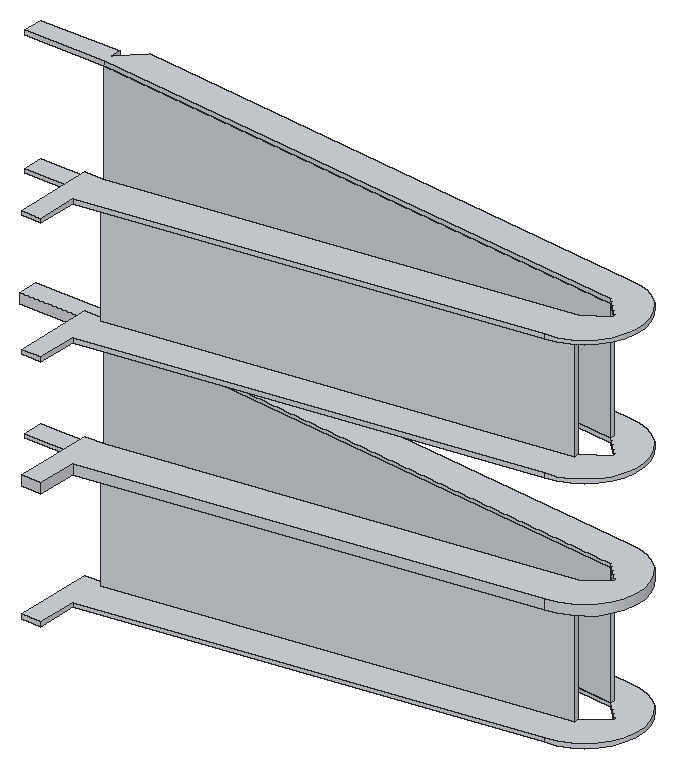
Revit family "TM250_2017", category Electrical Equipment, Revit 2017
Family settings
  Round Connector Dimension = Use Diameter
  Part Type = Panelboard
  OmniClass Number = 23.80.30.11.17
  OmniClass Title = Distribution Boards and Control Panels
  Work Plane-Based = No
  Always vertical = Yes
  Cut with Voids When Loaded = No
  Shared = No
  Room Calculation Point = No
Parameters
  Width = 0' - 10 1/4"  # constant formula
  Symbol Visible [instance] = yes
  Label Visible [instance] = yes
  Label Type = Generic Label 2017 : Generic Label 2017
  Label Angle [instance] = 0.00°
  Label - Y Offset [instance] = 0' - 0.00013"
  Label - X Offset [instance] = 0' - 0"
  Label [instance] = ""
  Height = 0' - 11"  # constant formula
  Elevation from Level [instance] = 0' - 0"
  Depth = 0' - 3 211/256"  # constant formula
Reference planes (in)
  plane 1 "Center (Front/Back)": y = -0.19774
  plane 2: z = 0
  plane 3 "Center (Left/Right)": x = 0
  plane 4: x = 5.125
  plane 5: x = -5.125
  plane 6: y = -2.10985
  plane 7: z = 11
  plane 8: x = 0
  plane 9: y = -0.19787
  plane 10: z = 0
  plane 11: y = 1.71437
Forms (in)
  Extrusion 1, solid, not visible
    sketch origin (0, 0, 0) x (1, 0, 0) y (0, 1, 0)
      loop
        line (-4, 10.25) -> (-3.5, 10.25) -> (-3.5, 11.23922) -> (7.17938, 12.82098)
        arc (7.17938, 12.82098) -> (8.48228, 14.238) -> (7.10223, 15.58) r 1.38059
        line (7.10223, 15.58) -> (-5.96967, 16.76505) -> (-6.5, 16.23472) -> (-6.5, 16.48472) -> (-8.5, 16.48472) -> (-8.5, 15.98472) -> (-6.5, 15.98472) -> (7.31887, 14.74382) -> (7.82469, 14.238) -> (7.22723, 13.8296) -> (-3.5, 12.25) -> (-4, 12.25) -> (-4, 10.25)
    from 0 to 0.10156
  Extrusion 2, solid, not visible
    sketch origin (0, 0, -6) x (1, 0, 0) y (0, 1, 0)
      loop
        line (-4, 10.25) -> (-3.5, 10.25) -> (-3.5, 11.23922) -> (7.17938, 12.82098)
        arc (7.17938, 12.82098) -> (8.48228, 14.238) -> (7.10223, 15.58) r 1.38059
        line (7.10223, 15.58) -> (-5.96967, 16.76505) -> (-6.5, 16.23472) -> (-6.5, 16.48472) -> (-8.625, 16.48472) -> (-8.625, 15.98472) -> (-6.5, 15.98472) -> (7.31887, 14.74382) -> (7.82469, 14.238) -> (7.22723, 13.8296) -> (-3.5, 12.25) -> (-4, 12.25) -> (-4, 10.25)
    from 9 to 9.25
  Extrusion 3, solid, not visible
    sketch origin (0, 0, 0) x (1, 0, 0) y (0, 1, 0)
      loop
        line (-6.49717, 15.98447) -> (7.31887, 14.74382) -> (7.32795, 14.84497) -> (-6.48808, 16.08562) -> (-6.49717, 15.98447)
    from 0.10156 to 3.14844
  Extrusion 4, solid, not visible
    sketch origin (0, 0, 0) x (1, 0, 0) y (0, 1, 0)
      loop
        line (7.22723, 13.8296) -> (-3.5, 12.25) -> (-3.48179, 12.12633) -> (7.24544, 13.70594) -> (7.22723, 13.8296)
    from 0.10156 to 3.14844
  Extrusion 5, solid, not visible
    sketch origin (0, 0, 0) x (1, 0, 0) y (0, 1, 0)
      loop
        line (-4, 10.25) -> (-3.5, 10.25) -> (-3.5, 11.23922) -> (7.17938, 12.82098)
        arc (7.17938, 12.82098) -> (8.48228, 14.238) -> (7.10223, 15.58) r 1.38059
        line (7.10223, 15.58) -> (-5.96967, 16.76505) -> (-6.5, 16.23472) -> (-6.5, 16.48472) -> (-8.5, 16.48472) -> (-8.5, 15.98472) -> (-6.5, 15.98472) -> (7.31887, 14.74382) -> (7.82469, 14.238) -> (7.22723, 13.8296) -> (-3.5, 12.25) -> (-4, 12.25) -> (-4, 10.25)
    from 6 to 6.10156
  Extrusion 6, solid, not visible
    sketch origin (0, 0, 0) x (1, 0, 0) y (0, 1, 0)
      loop
        line (-4, 10.25) -> (-3.5, 10.25) -> (-3.5, 11.23922) -> (7.17938, 12.82098)
        arc (7.17938, 12.82098) -> (8.48228, 14.238) -> (7.10223, 15.58) r 1.38059
        line (7.10223, 15.58) -> (-5.96967, 16.76505) -> (-6.5, 16.23472) -> (-6.5, 16.48472) -> (-8.5, 16.48472) -> (-8.5, 15.98472) -> (-6.5, 15.98472) -> (7.31887, 14.74382) -> (7.82469, 14.238) -> (7.22723, 13.8296) -> (-3.5, 12.25) -> (-4, 12.25) -> (-4, 10.25)
    from 9.14844 to 9.25
  Extrusion 7, solid, not visible
    sketch origin (0, 0, 0) x (1, 0, 0) y (0, 1, 0)
      loop
        line (-6.49717, 15.98447) -> (7.31887, 14.74382) -> (7.32795, 14.84497) -> (-6.48808, 16.08562) -> (-6.49717, 15.98447)
    from 6.10156 to 9.14844
  Extrusion 8, solid, not visible
    sketch origin (0, 0, 0) x (1, 0, 0) y (0, 1, 0)
      loop
        line (7.22723, 13.8296) -> (-3.5, 12.25) -> (-3.48179, 12.12633) -> (7.24544, 13.70594) -> (7.22723, 13.8296)
    from 6.10156 to 9.14844
Lines and regions (in)
  symbolic lines, style "InvisibleLines"
    curve 1: line (0, 3.17713, 0) -> (0, -3.57287, 0)
    curve 2: line (-10.75, -0.19787, 0) -> (10.75, -0.19787, 0)
  symbolic lines, style "InvisibleLines", not visible
    curve 3: line (0, 3.375, 0) -> (0, -3.375, 0)
    curve 4: line (-10.75, 0, 0) -> (10.75, 0, 0)
  symbolic lines, style "ElectricalEquipment", visible <- "Symbol Visible"
    curve 5: line (5.35, -2.11011, 0) -> (-5.35, -2.11011, 0)
    curve 6: line (5.125, 1.71437, 0) -> (-5.125, 1.71437, 0)
    curve 7: line (5.125, 1.71437, 0) -> (5.125, -1.61011, 0)
    curve 8: line (5.125, -1.61011, 0) -> (-5.125, -1.61011, 0)
    curve 9: line (-5.125, 1.71437, 0) -> (-5.125, -1.61011, 0)
    curve 10: line (-5.35, -2.11011, 0) -> (-5.35, -1.61011, 0)
    curve 11: line (-5.35, -1.61011, 0) -> (-5.125, -1.61011, 0)
    curve 12: line (5.35, -2.11011, 0) -> (5.35, -1.61011, 0)
    curve 13: line (5.35, -1.61011, 0) -> (5.125, -1.61011, 0)
Dimensions and locks (in)
  equal spacing: plane 5, plane 3 "Center (Left/Right)", plane 4
  plane 5 to plane 4 = 0' - 10 1/4"
  "Height": plane 7 to plane 10
  "Label - X Offset": plane 3 "Center (Left/Right)" to plane 8
  "Label - Y Offset": plane 9 to plane 1 "Center (Front/Back)"
  "Elevation from Level": plane 10 to plane 2
  "Depth": plane 6 to plane 11
  equal spacing: plane 6, plane 1 "Center (Front/Back)", plane 11
  import instance to curve 5 = 0' - 3.82448"
  aligned and locked: plane 9 to curve 2
  aligned and locked: plane 4 to curve 7
  aligned and locked: curve 9 to curve 8
  aligned and locked: plane 11 to import instance
  aligned and locked: plane 10 to import instance
Automatic sketch dimensions
  Extrusion 1 sketch curve to Extrusion 1 sketch curve = 0' - 0"
  Extrusion 1 sketch curve to Extrusion 1 sketch curve = 0' - 0.53033"
  Extrusion 1 sketch curve to Extrusion 1 sketch curve = 0' - 0 1/2"  (x3)
  Extrusion 1 sketch curve to Extrusion 1 sketch curve = 0' - 0 1/8"
  Extrusion 1 sketch curve to Extrusion 1 sketch curve = 0' - 0.21664"
  Extrusion 1 sketch curve to Extrusion 1 sketch curve = 0' - 0.98922"
  Extrusion 1 sketch curve to Extrusion 1 sketch curve = 0' - 1.01078"
  Extrusion 1 sketch curve to Extrusion 1 sketch curve = 0' - 1.00863"
  Extrusion 1 sketch curve to Extrusion 1 sketch curve = 0' - 0.36981"
  Extrusion 1 sketch curve to Extrusion 1 sketch curve = 0' - 0.03859"
  Extrusion 1 sketch curve to Extrusion 1 sketch curve = 0' - 0.54441"
  Extrusion 1 sketch curve to Extrusion 1 sketch curve = 0' - 0 1/4"
  Extrusion 1 sketch curve to Extrusion 1 sketch curve = 0' - 0.28033"
  Extrusion 2 sketch curve to Extrusion 2 sketch curve = 0' - 0"
  Extrusion 2 sketch curve to Extrusion 2 sketch curve = 0' - 0.53033"
  Extrusion 2 sketch curve to Extrusion 2 sketch curve = 0' - 0 1/2"  (x3)
  Extrusion 2 sketch curve to Extrusion 2 sketch curve = 0' - 0 1/8"
  Extrusion 2 sketch curve to Extrusion 2 sketch curve = 0' - 0.21664"
  Extrusion 2 sketch curve to Extrusion 2 sketch curve = 0' - 0.98922"
  Extrusion 2 sketch curve to Extrusion 2 sketch curve = 0' - 1.01078"
  Extrusion 2 sketch curve to Extrusion 2 sketch curve = 0' - 1.00863"
  Extrusion 2 sketch curve to Extrusion 2 sketch curve = 0' - 0.36981"
  Extrusion 2 sketch curve to Extrusion 2 sketch curve = 0' - 0.03859"
  Extrusion 2 sketch curve to Extrusion 2 sketch curve = 0' - 0.54441"
  Extrusion 2 sketch curve to Extrusion 2 sketch curve = 0' - 3.73472"
  Extrusion 2 sketch curve to Extrusion 2 sketch curve = 0' - 0 1/4"
  Extrusion 2 sketch curve to Extrusion 2 sketch curve = 0' - 0.28033"
  Extrusion 3 sketch curve to Extrusion 3 sketch curve = 0' - 0.00908"
  Extrusion 3 sketch curve to Extrusion 3 sketch curve = 0' - 0.10116"
  Extrusion 4 sketch curve to Extrusion 4 sketch curve = 0' - 0.12367"
  Extrusion 4 sketch curve to Extrusion 4 sketch curve = 0' - 0.01821"
  Extrusion 2 sketch curve to Extrusion 2 sketch curve = 0' - 2 1/8"
  Extrusion 2 sketch curve to Extrusion 2 sketch curve = 0' - 2 1/2"
  Extrusion 2 sketch curve to Extrusion 2 sketch curve = 0' - 10.60223"
  Extrusion 2 sketch curve to Extrusion 2 sketch curve = 0' - 0.04785"
  Extrusion 2 sketch curve to Extrusion 2 sketch curve = 0' - 0.50582"
  Extrusion 2 sketch curve to Extrusion 2 sketch curve = 0' - 0.57098"
  Extrusion 3 sketch curve to Extrusion 3 sketch curve = 1' - 1.81603"
  Extrusion 4 sketch curve to Extrusion 4 sketch curve = 0' - 10.72723"
  Extrusion 1 sketch curve to Extrusion 1 sketch curve = 0' - 2"
  Extrusion 1 sketch curve to Extrusion 1 sketch curve = 0' - 2 1/2"
  Extrusion 1 sketch curve to Extrusion 1 sketch curve = 0' - 10.60223"
  Extrusion 1 sketch curve to Extrusion 1 sketch curve = 0' - 0.04785"
  Extrusion 1 sketch curve to Extrusion 1 sketch curve = 0' - 0.50582"
  Extrusion 1 sketch curve to Extrusion 1 sketch curve = 0' - 0.57098"
  Extrusion 1 sketch curve to Extrusion 1 sketch curve = 0' - 3.73472"
  Extrusion 5 sketch curve to Extrusion 5 sketch curve = 0' - 0"
  Extrusion 5 sketch curve to Extrusion 5 sketch curve = 0' - 0.53033"
  Extrusion 5 sketch curve to Extrusion 5 sketch curve = 0' - 0 1/2"  (x3)
  Extrusion 5 sketch curve to Extrusion 5 sketch curve = 0' - 0 1/8"
  Extrusion 5 sketch curve to Extrusion 5 sketch curve = 0' - 0.21664"
  Extrusion 5 sketch curve to Extrusion 5 sketch curve = 0' - 0.98922"
  Extrusion 5 sketch curve to Extrusion 5 sketch curve = 0' - 1.01078"
  Extrusion 5 sketch curve to Extrusion 5 sketch curve = 0' - 1.00863"
  Extrusion 5 sketch curve to Extrusion 5 sketch curve = 0' - 0.36981"
  Extrusion 5 sketch curve to Extrusion 5 sketch curve = 0' - 0.03859"
  Extrusion 5 sketch curve to Extrusion 5 sketch curve = 0' - 0.54441"
  Extrusion 5 sketch curve to Extrusion 5 sketch curve = 0' - 0 1/4"
  Extrusion 5 sketch curve to Extrusion 5 sketch curve = 0' - 0.28033"
  Extrusion 6 sketch curve to Extrusion 6 sketch curve = 0' - 0"
  Extrusion 6 sketch curve to Extrusion 6 sketch curve = 0' - 0.53033"
  Extrusion 6 sketch curve to Extrusion 6 sketch curve = 0' - 0 1/2"  (x3)
  Extrusion 6 sketch curve to Extrusion 6 sketch curve = 0' - 0 1/8"
  Extrusion 6 sketch curve to Extrusion 6 sketch curve = 0' - 0.21664"
  Extrusion 6 sketch curve to Extrusion 6 sketch curve = 0' - 0.98922"
  Extrusion 6 sketch curve to Extrusion 6 sketch curve = 0' - 1.01078"
  Extrusion 6 sketch curve to Extrusion 6 sketch curve = 0' - 1.00863"
  Extrusion 6 sketch curve to Extrusion 6 sketch curve = 0' - 0.36981"
  Extrusion 6 sketch curve to Extrusion 6 sketch curve = 0' - 0.03859"
  Extrusion 6 sketch curve to Extrusion 6 sketch curve = 0' - 0.54441"
  Extrusion 6 sketch curve to Extrusion 6 sketch curve = 0' - 3.73472"
  Extrusion 6 sketch curve to Extrusion 6 sketch curve = 0' - 0 1/4"
  Extrusion 6 sketch curve to Extrusion 6 sketch curve = 0' - 0.28033"
  Extrusion 7 sketch curve to Extrusion 7 sketch curve = 0' - 0.00908"
  Extrusion 7 sketch curve to Extrusion 7 sketch curve = 0' - 0.10116"
  Extrusion 8 sketch curve to Extrusion 8 sketch curve = 0' - 0.12367"
  Extrusion 8 sketch curve to Extrusion 8 sketch curve = 0' - 0.01821"
  Extrusion 6 sketch curve to Extrusion 6 sketch curve = 0' - 2"
  Extrusion 6 sketch curve to Extrusion 6 sketch curve = 0' - 2 1/2"
  Extrusion 6 sketch curve to Extrusion 6 sketch curve = 0' - 10.60223"
  Extrusion 6 sketch curve to Extrusion 6 sketch curve = 0' - 0.04785"
  Extrusion 6 sketch curve to Extrusion 6 sketch curve = 0' - 0.50582"
  Extrusion 6 sketch curve to Extrusion 6 sketch curve = 0' - 0.57098"
  Extrusion 7 sketch curve to Extrusion 7 sketch curve = 1' - 1.81603"
  Extrusion 8 sketch curve to Extrusion 8 sketch curve = 0' - 10.72723"
  Extrusion 5 sketch curve to Extrusion 5 sketch curve = 0' - 0.04785"
  Extrusion 5 sketch curve to Extrusion 5 sketch curve = 0' - 2"
  Extrusion 5 sketch curve to Extrusion 5 sketch curve = 0' - 2 1/2"
  Extrusion 5 sketch curve to Extrusion 5 sketch curve = 0' - 10.60223"
  Extrusion 5 sketch curve to Extrusion 5 sketch curve = 0' - 0.50582"
  Extrusion 5 sketch curve to Extrusion 5 sketch curve = 0' - 0.57098"
  Extrusion 5 sketch curve to Extrusion 5 sketch curve = 0' - 3.73472"
  curve 6 to plane 5 = 0' - 0"
  plane 11 to curve 6 = 0' - 0"
  curve 10 to plane 5 = 0' - 0.225"
  curve 7 to curve 12 = 0' - 0.225"
  curve 12 to curve 13 = 0' - 0 1/2"
Nested families (in)
  nested 1: "Generic Label 2017" at (-1.25796, -1.9622, 0), Label Angle <- "Label Angle", type <- "Label Type", visible <- "Label Visible", type "Generic Label 2017"
    with Label Angle 0.00°
  nested 2: "Generic Label 2017" at (-1.25796, -1.76433, 0), Label Angle <- "Label Angle", type <- "Label Type", visible <- "Label Visible", type "Generic Label 2017", not visible
    with Label Angle 0.00°
Definition of nested family "Generic Label 2017"
  Parameters (values of type "Generic Label 2017")
    Label Angle [instance] = 0.00°
    Label = ""
  Reference planes (in)
    plane 1: y = 0
    plane 2: x = 0
  Lines and regions (in)
    reference lines
      curve 1: line (0.05319, 3.48642, 0) -> (0.05319, -2.76358, 0)
      curve 2: line (-2.94681, 0.07185, 0) -> (3.55319, 0.07185, 0)
    detail lines
      curve 3: line (0.05319, 0.01481, 0) -> (0.05319, 0.1289, 0)
    detail lines, not visible
      curve 4: line (0.01286, 0.03152, 0) -> (0.01286, 0.1456, 0)
  Text (in)
    label "Label" at (0.05865, 0.07252, 0), shows "Label"
    label "Label" at (0.01831, 0.08923, 0), shows "Label", not visible
  Dimensions and locks (in)
    "Label Angle": angle curve 1 to curve 3
    aligned and locked: curve 1 to curve 3
  Automatic sketch dimensions
    curve 2 to plane 1 = 0' - 0.07185"
    curve 2 to plane 2 = 0' - 2.94681"
    plane 2 to curve 1 = 0' - 0.05319"
    plane 2 to curve 2 = 0' - 3.55319"
    plane 1 to curve 1 = 0' - 2.76358"
    curve 1 to plane 1 = 0' - 3.48642"
    curve 3 to curve 3 = 0' - 0"
    curve 3 to curve 3 = 0' - 0.11408"
    curve 4 to curve 4 = 0' - 0"
    curve 4 to curve 4 = 0' - 0.11408"
